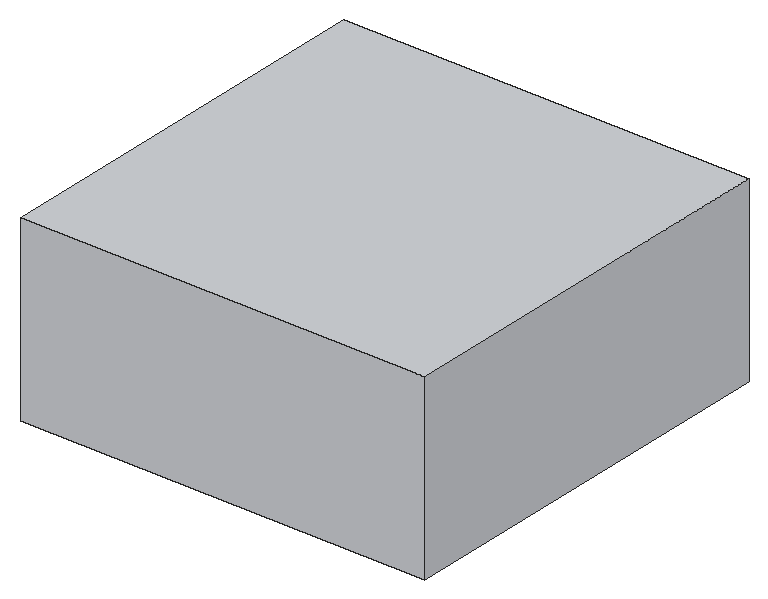
Revit family "基础", category 结构基础, Revit 2018
Family settings
  用于模型行为的材质 = 混凝土
  管帽 = 否
  基于工作平面 = 否
  总是垂直 = 是
  加载时剪切的空心 = 否
  共享 = 否
Parameters (values of type "2000 x 2000 x 900mm")
  宽度 = 2000 mm
  Structural Material [instance] = none
  长度 = 2000 mm
  基础厚度 = 900 mm
  Assembly Code = ""
Types (2, lengths in mm): name | 宽度 | 长度
  2000 x 2000 x 900mm | 2000 | 2000
  2600 x 1650 x 1100mm | 1650 | 2600
Reference planes
  plane 1 "中心(前/后)": y = 0
  plane 2: z = 0
  plane 3 "中心(左/右)": x = 0
  plane 4: x = -1000
  plane 5: x = 1000
  plane 6: y = 1000
  plane 7: y = -1000
Forms (mm)
  Extrusion 1, solid, material <- "Structural Material"
    sketch origin (0, 0, 0) x (1, 0, 0) y (0, 1, 0)
      loop
        line (-1000, 1000) -> (-1000, -1000) -> (1000, -1000) -> (1000, 1000) -> (-1000, 1000)
    from -900 to 0
Dimensions and locks
  "基础厚度": plane 2 to Extrusion 1
  "宽度": plane 4 to plane 5
  "长度": plane 6 to plane 7
  equal spacing: plane 6, plane 1 "中心(前/后)", plane 7
  equal spacing: plane 4, plane 3 "中心(左/右)", plane 5
  aligned and locked: plane 4 to Extrusion 1 sketch curve
  aligned and locked: Extrusion 1 sketch curve to plane 5
  aligned and locked: Extrusion 1 sketch curve to plane 6
  aligned and locked: plane 7 to Extrusion 1 sketch curve
  aligned and locked: level to Extrusion 1
